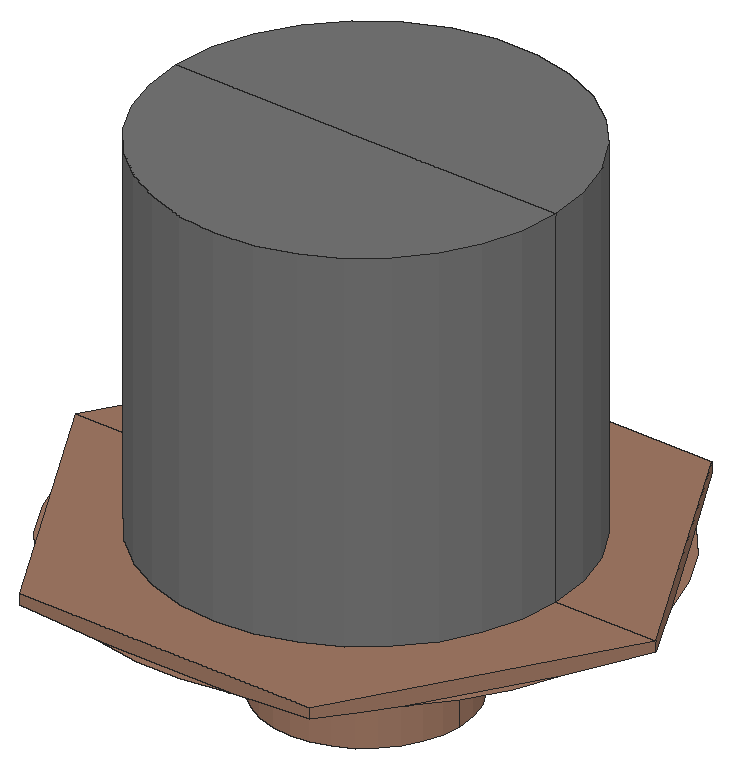
Revit family "Drain-Green_Roof-Jay R. Smith-Round_Type-1935_Series", category Plumbing Fixtures, Revit 2021
Family settings
  Round Connector Dimension = Use Radius
  Part Type = Normal
  OmniClass Number = 23.70.50.21.24.11
  OmniClass Title = Roof Waste Water Drains
  Work Plane-Based = Yes
  Always vertical = Yes
  Cut with Voids When Loaded = No
  Shared = No
  Room Calculation Point = No
Parameters (values of type "1935C06")
  Waste Connection = yes
  Vent Connection = no
  URL = "http://www.jrsmith.com"
  U - Vandal Proof = no
  T - Threaded Outlet = no
  Standpipe Material = PVC-Jay R Smith-White
  Product Page URL = "https://www.jrsmith.com/green-roof-planter-drain-basin"
  Product Documentation Link = "https://www.jrsmith.com/uploads/fileLibrary/d1935.pdf"
  Perforated P.V.C. Standpipe Height = 2"  # constant formula
  Perforated Gravel Stop Height = 12"  # constant formula
  Overall Diameter = 20"  # constant formula
  Outlet Radius = Outlet Diameter / 2  # 3"
  Outlet Diameter = 6"
  Model = "1935C06"
  Material = "Cast Iron-Jay R Smith-Duco Coated"  # constant formula
  Manufacturer = "Jay R. Smith"  # constant formula
  LXH - Speedi-Set Extra Heavy - 02"(50), 03"(75) & 04"(100) sizes only = no
  L - Speedi-Set Service Weight - 02"(50), 03"(75) & 04"(100) sizes only = no
  Installation Type = "Roof Mounted"  # constant formula
  HW Connection = no
  Gravel Guard Material = Stainless Steel-Jay R Smith-Perforated
  G - Galvanized Cast Iron = no
  Expansion Joint (Specify Fig. 1710) = no
  E - Extension (specify height) = no
  Dome Material = PVC-Jay R Smith-White
  Description = "Green Roof Planter Drain Basin"  # constant formula
  Bottom Depth = 5"
  Default Elevation = 0"
  Creation Date = "03/20/2024"  # constant formula
  Connection Description = "6\" Caulk Outlet Connection"
  CW Connection = no
  CL - "L" Shaped Underdeck Clamp = no
  CIS - Cast Iron Standpipe = no
  C - Underdeck Clamp = no
  Body Material = Cast Iron-Jay R Smith-Duco Coated
  BZS - Bronze Standpipe = no
  B Dimension/2 = B Dimension / 2  # 3"
  B Dimension = 6"
  Assembly Code = "D2040200"
  AE - Adjustable Extension = no
Types (15): name | Outlet Radius | Outlet Diameter | Model | Bottom Depth | Connection Description | B Dimension/2 | B Dimension
  1935C02 | 1" | 2" | "1935C02" | 5" | "2\" Caulk Outlet Connection" | 2" | 4"
  1935C03 | 1 1/2" | 3" | "1935C03" | 5" | "3\" Caulk Outlet Connection" | 2" | 4"
  1935C04 | 2" | 4" | "1935C04" | 5" | "4\" Caulk Outlet Connection" | 2" | 4"
  1935C05 | 2 1/2" | 5" | "1935C05" | 5" | "5\" Caulk Outlet Connection" | 3" | 6"
  1935C06 | 3" | 6" | "1935C06" | 5" | "6\" Caulk Outlet Connection" | 3" | 6"
  1935Y02 | 1" | 2" | "1935Y02" | 5" | "2\" No-HUB Outlet Connection" | 2" | 4"
  1935Y03 | 1 1/2" | 3" | "1935Y03" | 5" | "3\" No-HUB Outlet Connection" | 2" | 4"
  1935Y04 | 2" | 4" | "1935Y04" | 5" | "4\" No-HUB Outlet Connection" | 2" | 4"
  1935Y05 | 2 1/2" | 5" | "1935Y05" | 5" | "5\" No-HUB Outlet Connection" | 3" | 6"
  1935Y06 | 3" | 6" | "1935Y06" | 5" | "6\" No-HUB Outlet Connection" | 3" | 6"
  1935T02 | 1" | 2" | "1935T02" | 3 3/4" | "2\" Threaded Outlet Connection" | 2" | 4"
  1935T03 | 1 1/2" | 3" | "1935T03" | 3 3/4" | "3\" Threaded Outlet Connection" | 2" | 4"
  1935T04 | 2" | 4" | "1935T04" | 3 3/4" | "4\" Threaded Outlet Connection" | 2" | 4"
  1935T05 | 2 1/2" | 5" | "1935T05" | 3 3/4" | "5\" Threaded Outlet Connection" | 3" | 6"
  1935T06 | 3" | 6" | "1935T06" | 3 3/4" | "6\" Threaded Outlet Connection" | 3" | 6"
Reference planes (in)
  plane 1 "Center (Front/Back)": y = 0
  plane 2: z = 0
  plane 3 "Center (Left/Right)": x = -0.54782
  plane 4: z = 0
  plane 5: x = 4.95218
  plane 6: z = 12
  plane 7: x = -10.54782
  plane 8: x = 9.45218
  plane 9: x = -7.11032
  plane 10: x = 6.01468
  plane 11: z = 2
  plane 12: x = -6.04782
  plane 13: x = 4.95218
  plane 14: z = -5
Forms (in)
  Revolve 1, solid, material "Stainless Steel-Jay R Smith-Perforated" <- "Gravel Guard Material"
    sketch origin (-0.54782, 0, 0) x (1, 0, 0) y (0, 0, 1)
      loop
        line (-6.5625, 12) -> (-6.5625, 0) -> (-6.43087, 0) -> (-6.43087, 11.868) -> (0, 11.868) -> (0, 12) -> (-6.5625, 12)
      axis (0, 12) -> (0, 0)
    angle from 0 to 360
  Revolve 2, solid, material "Cast Iron-Jay R Smith-Duco Coated"
    sketch origin (0, 0, 6) x (1, 0, 0) y (0, 0, 1)
      loop
        line (-3.54782, -11) -> (-3.54782, -6) -> (-3.79782, -6) -> (-3.79782, -11) -> (-3.54782, -11)
      axis (-0.54782, -6) -> (-0.54782, -11)
    angle from 0 to 360
  Revolve 3, solid, material "Cast Iron-Jay R Smith-Duco Coated"
    sketch origin (0, 0, 6) x (1, 0, 0) y (0, 0, 1)
      loop
        line (-0.54782, -6) -> (-10.54782, -6) -> (-10.54782, -6.33608) -> (-6.21642, -7.00972)
        arc (-6.21642, -7.00972) -> (-6.09429, -7.10093) -> (-6.04782, -7.2461) r 0.25
        line (-6.04782, -7.2461) -> (-6.04782, -8.01891)
        arc (-6.04782, -8.01891) -> (-5.86308, -8.46491) -> (-5.41708, -8.64965) r 0.63074
        line (-5.41708, -8.64965) -> (-5.22886, -8.64965)
        arc (-5.22886, -8.64965) -> (-5.13749, -8.87022) -> (-4.91693, -8.96158) r 0.31193
        line (-4.91693, -8.96158) -> (-0.54782, -8.96158) -> (-0.54782, -6)
      axis (-0.54782, -6) -> (-0.54782, -8.96158)
    angle from 0 to 360
  Revolve 4, solid, material "PVC-Jay R Smith-White" <- "Standpipe Material"
    sketch origin (0, 0, 11) x (1, 0, 0) y (0, 0, 1)
      loop
        line (-3.29782, -11) -> (-3.29782, -9) -> (-3.54782, -9) -> (-3.54782, -11) -> (-3.29782, -11)
      axis (-0.54782, -9) -> (-0.54782, -11)
    angle from 0 to 360
  Extrusion 5, void
    sketch origin (0, 0, 0) x (1, 0, 0) y (0, 1, 0)
      loop
        line (-10.54782, 0) -> (-5.54782, -8.66025) -> (4.45218, -8.66025) -> (9.45218, 0) -> (4.45218, 8.66025) -> (-5.54782, 8.66025) -> (-10.54782, 0)
      loop
        circle (-0.54782, 0) r 11
    from -0.499 to 0
Cuts and joins
  Extrusion 5 cuts Revolve 3
Dimensions and locks (in)
  locked: Revolve 2 sketch curve to Revolve 2 sketch curve at 0.25
  Revolve 3 sketch curve to Revolve 3 sketch curve to Revolve 3 sketch curve to Revolve 3 sketch curve to Revolve 3 sketch curve to Revolve 3 sketch curve = 0.67364" locked, 0.23638" locked, 0.77281" locked, 0.63074" locked, 0.31193" locked
  "Overall Diameter": plane 7 to plane 8
  plane 9 to plane 10 = 13 1/8"
  plane 13 to plane 12 = 11"
  "Perforated Gravel Stop Height": plane 6 to level
  "Perforated P.V.C. Standpipe Height": plane 11 to level
  "Bottom Depth": level to plane 14
  "B Dimension/2": plane 3 "Center (Left/Right)" to Revolve 4 sketch curve
  "Outlet Radius": plane 3 "Center (Left/Right)" to Revolve 2 sketch curve
  locked: Revolve 4 sketch curve to Revolve 4 sketch curve at 0.25
  locked: Revolve 1 sketch curve to Revolve 1 sketch curve at 0.132
  locked: Revolve 1 sketch curve to Revolve 1 sketch curve at 0.13163
  equal spacing: plane 7, plane 3 "Center (Left/Right)", plane 8
  aligned and locked: Revolve 2 sketch curve to plane 3 "Center (Left/Right)"
  aligned and locked: Revolve 4 sketch curve to plane 3 "Center (Left/Right)"
  aligned and locked: Revolve 4 sketch curve to plane 11
  aligned and locked: level to Revolve 4 sketch curve
  aligned and locked: plane 6 to Revolve 1 sketch curve
  aligned and locked: Revolve 1 sketch curve to plane 3 "Center (Left/Right)"
  aligned and locked: plane 3 "Center (Left/Right)" to Revolve 1 sketch curve
  aligned and locked: plane 9 to Revolve 1 sketch curve
  aligned and locked: Extrusion 5 to Revolve 1
Automatic sketch dimensions
  Revolve 1 sketch curve to level = 0"
  Revolve 1 sketch curve to Revolve 1 sketch curve = 3/4"
  Revolve 1 sketch curve to Revolve 1 sketch curve = 1/2"
  plane 7 to Revolve 3 sketch curve = 0"
  Revolve 3 sketch curve to plane 12 = 0"
  Revolve 3 sketch curve to level = 0"
  Revolve 3 sketch curve to plane 3 "Center (Left/Right)" = 0"  (x2)
  Revolve 3 sketch curve to Revolve 3 sketch curve = 1/4"
  Revolve 3 sketch curve to Revolve 3 sketch curve = 0.18822"
  Revolve 3 sketch curve to level = 0.33608"
  Revolve 3 sketch curve to Revolve 3 sketch curve = 0.28842"
  level to Revolve 3 sketch curve = 2 3/4"
  plane 1 "Center (Front/Back)" to Extrusion 5 sketch curve = 0"  (x3)
  Extrusion 5 sketch curve to plane 7 = 0"
  Extrusion 5 sketch curve to plane 3 "Center (Left/Right)" = 0"
  Extrusion 5 sketch curve to plane 8 = 0"
  plane 12 to Extrusion 5 sketch curve = 1/2"  (x2)
  plane 5 to Extrusion 5 sketch curve = 1/2"  (x2)
  plane 1 "Center (Front/Back)" to Extrusion 5 sketch curve = 8.66025"
  Extrusion 5 sketch curve to plane 1 "Center (Front/Back)" = 8.66025"
  Revolve 2 sketch curve to plane 14 = 0"
  Revolve 2 sketch curve to level = 0"
  plane 14 to Revolve 2 sketch curve = 1 3/4"
  plane 11 to Revolve 2 sketch curve = 3 1/4"
  Revolve 4 sketch curve to plane 11 = 1/4"
  plane 6 to Revolve 4 sketch curve = 1/4"
  radius of Extrusion 5 sketch curve = 11"
Nested families (in)
  nested 1: "DOME-1" at (-0.54782, 0, 0) x (0, 1, 0) z (0, 0, 1), type "Dome"
Connectors (in)
  piping at (-0.54782, 0, -5), diameter 6, driven by "Outlet Radius", driven by "Connection Description"
    settings: on Revolve 2, index 1, connector inside diameter 24", connector length 0", flow factor 0, pipe flow 0 GPM, pressure drop 0.00 psi, fitting loss kfactor 0, connector angle 0.00°, fixture units 0, engagement length 0", angle of deflection 0.00°, flow configuration 0, flow direction 2, fitting loss method 0, system type 16, joint type 0, gender type 0, connector reference index -1, connector utility 0, adjustable connector no, is connector primary yes, connector description "6\" Caulk Outlet Connection"
Definition of nested family "DOME-1"
  Parameters (values of type "Dome")
    Waste Connection = yes
    WFU = 0
    Vent Connection = no
    URL = ""
    Model = "Dome"
    Manufacturer = ""
    HW Connection = no
    Finish = none
    Description = ""
    Default Elevation = 0"
    Connection Radius = 2"
    CW Connection = no
  Reference planes (in)
    plane 1 "Center (Front/Back)": y = 0
    plane 2: z = 0
    plane 3 "Center (Left/Right)": x = 0
    plane 4: through (1.15564, -4.31289, 48) normal (0.9659, 0.2588, 0)
    plane 5: through (-1.15564, -4.31289, 48) normal (0.9659, -0.2588, 0)
    plane 6: through (-1.15564, -4.31289, 48) normal (0.9659, -0.2588, 0)
    plane 7: through (1.15564, 4.31289, 48) normal (-0.9659, 0.2588, 0)
    plane 8: through (-1.15564, 4.31289, 48) normal (-0.9659, -0.2588, 0)
    plane 9: through (2.23252, -3.86683, 48) normal (0.866, 0.5, 0)
    plane 10: through (2.23252, 3.86683, 48) normal (-0.866, 0.5, 0)
    plane 11: through (-3.15726, 3.15726, 48) normal (-0.7071, -0.7071, 0)
    plane 12: through (3.15726, 3.15726, 48) normal (-0.7071, 0.7071, 0)
    plane 13: through (-4.31289, 1.15564, 48) normal (-0.2588, -0.9659, 0)
    plane 14: through (3.86683, -2.23252, 48) normal (0.5, 0.866, 0)
    plane 15: through (4.31289, 1.15564, 48) normal (-0.2588, 0.9659, 0)
    plane 16: through (-3.86683, -2.23252, 48) normal (0.5, -0.866, 0)
    plane 17: through (0, 0, 48) normal (0.9914, 0.1305, 0)
    plane 18: z = 4.5
    plane 19: z = 5.66494
  Forms (in)
    Extrusion 1, solid
      sketch origin (0, 0, 0) x (1, 0, 0) y (0, 1, 0)
        loop
          line (-48, 48) -> (-48, -48) -> (48, -48) -> (48, 48) -> (-48, 48)
      from 0 to -12
    Extrusion 2, void
      sketch origin (0, 0, 5.875) x (1, 0, 0) y (0, 1, 0)
        loop
          arc (0.44843, -2.71319) -> (1.94454, -1.94454) -> (2.71319, -0.44843) r 2.75
          arc (2.71319, -0.44843) -> (2.60981, -0.30738) -> (2.46654, -0.40766) r 0.12503
          arc (2.46654, -0.40766) -> (1.76777, -1.76777) -> (0.40766, -2.46654) r 2.5
          arc (0.40766, -2.46654) -> (0.30738, -2.60981) -> (0.44843, -2.71319) r 0.12503
        loop
          arc (0.329, -1.97275) -> (1.41421, -1.41421) -> (1.97275, -0.329) r 2
          arc (1.97275, -0.329) -> (1.87186, -0.18543) -> (1.72678, -0.28413) r 0.12503
          arc (1.72678, -0.28413) -> (1.23744, -1.23744) -> (0.28413, -1.72678) r 1.75
          arc (0.28413, -1.72678) -> (0.18543, -1.87186) -> (0.329, -1.97275) r 0.12503
        loop
          arc (0.20562, -1.23297) -> (0.88388, -0.88388) -> (1.23297, -0.20562) r 1.25
          arc (1.23297, -0.20562) -> (1.12842, -0.06144) -> (0.98577, -0.16809) r 0.12503
          arc (0.98577, -0.16809) -> (0.70453, -0.70968) -> (0.16091, -0.98697) r 1
          arc (0.16091, -0.98697) -> (0.06204, -1.132) -> (0.20562, -1.23297) r 0.12503
        loop
          arc (0.57072, -3.45315) -> (2.47487, -2.47487) -> (3.45315, -0.57072) r 3.5
          arc (3.45315, -0.57072) -> (3.34977, -0.42968) -> (3.2065, -0.52996) r 0.12503
          arc (3.2065, -0.52996) -> (2.2981, -2.2981) -> (0.52996, -3.2065) r 3.25
          arc (0.52996, -3.2065) -> (0.42968, -3.34977) -> (0.57072, -3.45315) r 0.12503
        loop
          arc (0.44843, 2.71319) -> (0.30738, 2.60981) -> (0.40766, 2.46654) r 0.12503
          arc (0.40766, 2.46654) -> (1.76777, 1.76777) -> (2.46654, 0.40766) r 2.5
          arc (2.46654, 0.40766) -> (2.60981, 0.30738) -> (2.71319, 0.44843) r 0.12503
          arc (2.71319, 0.44843) -> (1.94454, 1.94454) -> (0.44843, 2.71319) r 2.75
        loop
          arc (0.329, 1.97275) -> (0.18543, 1.87186) -> (0.28413, 1.72678) r 0.12503
          arc (0.28413, 1.72678) -> (1.23744, 1.23744) -> (1.72678, 0.28413) r 1.75
          arc (1.72678, 0.28413) -> (1.87186, 0.18543) -> (1.97275, 0.329) r 0.12503
          arc (1.97275, 0.329) -> (1.41421, 1.41421) -> (0.329, 1.97275) r 2
        loop
          arc (0.20562, 1.23297) -> (0.06204, 1.132) -> (0.16091, 0.98697) r 0.12503
          arc (0.16091, 0.98697) -> (0.70453, 0.70968) -> (0.98577, 0.16809) r 1
          arc (0.98577, 0.16809) -> (1.12842, 0.06144) -> (1.23297, 0.20562) r 0.12503
          arc (1.23297, 0.20562) -> (0.88388, 0.88388) -> (0.20562, 1.23297) r 1.25
        loop
          arc (0.57072, 3.45315) -> (0.42968, 3.34977) -> (0.52996, 3.2065) r 0.12503
          arc (0.52996, 3.2065) -> (2.2981, 2.2981) -> (3.2065, 0.52996) r 3.25
          arc (3.2065, 0.52996) -> (3.34977, 0.42968) -> (3.45315, 0.57072) r 0.12503
          arc (3.45315, 0.57072) -> (2.47487, 2.47487) -> (0.57072, 3.45315) r 3.5
        loop
          arc (-0.44843, -2.71319) -> (-0.30738, -2.60981) -> (-0.40766, -2.46654) r 0.12503
          arc (-0.40766, -2.46654) -> (-1.76777, -1.76777) -> (-2.46654, -0.40766) r 2.5
          arc (-2.46654, -0.40766) -> (-2.60981, -0.30738) -> (-2.71319, -0.44843) r 0.12503
          arc (-2.71319, -0.44843) -> (-1.94454, -1.94454) -> (-0.44843, -2.71319) r 2.75
        loop
          arc (-0.329, -1.97275) -> (-0.18543, -1.87186) -> (-0.28413, -1.72678) r 0.12503
          arc (-0.28413, -1.72678) -> (-1.23744, -1.23744) -> (-1.72678, -0.28413) r 1.75
          arc (-1.72678, -0.28413) -> (-1.87186, -0.18543) -> (-1.97275, -0.329) r 0.12503
          arc (-1.97275, -0.329) -> (-1.41421, -1.41421) -> (-0.329, -1.97275) r 2
        loop
          arc (-0.20562, -1.23297) -> (-0.06204, -1.132) -> (-0.16091, -0.98697) r 0.12503
          arc (-0.16091, -0.98697) -> (-0.70453, -0.70968) -> (-0.98577, -0.16809) r 1
          arc (-0.98577, -0.16809) -> (-1.12842, -0.06144) -> (-1.23297, -0.20562) r 0.12503
          arc (-1.23297, -0.20562) -> (-0.88388, -0.88388) -> (-0.20562, -1.23297) r 1.25
        loop
          arc (-0.57072, -3.45315) -> (-0.42968, -3.34977) -> (-0.52996, -3.2065) r 0.12503
          arc (-0.52996, -3.2065) -> (-2.2981, -2.2981) -> (-3.2065, -0.52996) r 3.25
          arc (-3.2065, -0.52996) -> (-3.34977, -0.42968) -> (-3.45315, -0.57072) r 0.12503
          arc (-3.45315, -0.57072) -> (-2.47487, -2.47487) -> (-0.57072, -3.45315) r 3.5
        loop
          arc (-0.44843, 2.71319) -> (-1.94454, 1.94454) -> (-2.71319, 0.44843) r 2.75
          arc (-2.71319, 0.44843) -> (-2.60981, 0.30738) -> (-2.46654, 0.40766) r 0.12503
          arc (-2.46654, 0.40766) -> (-1.76777, 1.76777) -> (-0.40766, 2.46654) r 2.5
          arc (-0.40766, 2.46654) -> (-0.30738, 2.60981) -> (-0.44843, 2.71319) r 0.12503
        loop
          arc (-0.329, 1.97275) -> (-1.41421, 1.41421) -> (-1.97275, 0.329) r 2
          arc (-1.97275, 0.329) -> (-1.87186, 0.18543) -> (-1.72678, 0.28413) r 0.12503
          arc (-1.72678, 0.28413) -> (-1.23744, 1.23744) -> (-0.28413, 1.72678) r 1.75
          arc (-0.28413, 1.72678) -> (-0.18543, 1.87186) -> (-0.329, 1.97275) r 0.12503
        loop
          arc (-0.20562, 1.23297) -> (-0.88388, 0.88388) -> (-1.23297, 0.20562) r 1.25
          arc (-1.23297, 0.20562) -> (-1.12842, 0.06144) -> (-0.98577, 0.16809) r 0.12503
          arc (-0.98577, 0.16809) -> (-0.70453, 0.70968) -> (-0.16091, 0.98697) r 1
          arc (-0.16091, 0.98697) -> (-0.06204, 1.132) -> (-0.20562, 1.23297) r 0.12503
        loop
          arc (-0.57072, 3.45315) -> (-2.47487, 2.47487) -> (-3.45315, 0.57072) r 3.5
          arc (-3.45315, 0.57072) -> (-3.34977, 0.42968) -> (-3.2065, 0.52996) r 0.12503
          arc (-3.2065, 0.52996) -> (-2.2981, 2.2981) -> (-0.52996, 3.2065) r 3.25
          arc (-0.52996, 3.2065) -> (-0.42968, 3.34977) -> (-0.57072, 3.45315) r 0.12503
      from -1.66198 to -0.25663
    Extrusion 3, void
      sketch origin (-0.43301, 0.25, -0.45132) x (0.5, 0.866025, 0) y (0, 0, 1)
        loop
          line (-0.1875, 0.59953) -> (0.1875, 0.59953) -> (0.1875, 4.66434) -> (-0.1875, 4.66434) -> (-0.1875, 0.59953)
      from -5.07939 to 6.07939
    Extrusion 4, void
      sketch origin (-0.12941, 0.48296, -0.45132) x (0.965926, 0.258819, 0) y (0, 0, 1)
        loop
          line (-0.1875, 0.59953) -> (0.1875, 0.59953) -> (0.1875, 4.66434) -> (-0.1875, 4.66434) -> (-0.1875, 0.59953)
      from -5.07939 to 6.07939
    Extrusion 5, void
      sketch origin (0.12941, 0.48296, -0.45132) x (-0.965926, 0.258819, 0) y (0, 0, -1)
        loop
          line (-0.1875, -0.59953) -> (-0.1875, -4.66434) -> (0.1875, -4.66434) -> (0.1875, -0.59953) -> (-0.1875, -0.59953)
      from -5.07939 to 6.07939
    Extrusion 6, void
      sketch origin (0.48296, 0.12941, -0.45132) x (-0.258819, 0.965926, 0) y (0, 0, -1)
        loop
          line (-0.1875, -0.59953) -> (-0.1875, -4.66434) -> (0.1875, -4.66434) -> (0.1875, -0.59953) -> (-0.1875, -0.59953)
      from -5.07939 to 6.07939
    Extrusion 7, void
      sketch origin (0.35355, 0.35355, -0.45132) x (0.707107, -0.707107, 0) y (0, 0, 1)
        loop
          line (-0.1875, 0.59953) -> (0.1875, 0.59953) -> (0.1875, 4.66434) -> (-0.1875, 4.66434) -> (-0.1875, 0.59953)
      from -5.07939 to 6.07939
    Extrusion 8, void
      sketch origin (0.5, 0, -0.45132) x (0, -1, 0) y (0, 0, 1)
        loop
          line (-0.1875, 0.59953) -> (0.1875, 0.59953) -> (0.1875, 4.66434) -> (-0.1875, 4.66434) -> (-0.1875, 0.59953)
      from -5.07939 to 6.07939
    Extrusion 9, void
      sketch origin (0.25, 0.43301, -0.45132) x (0.866025, -0.5, 0) y (0, 0, 1)
        loop
          line (-0.1875, 0.59953) -> (0.1875, 0.59953) -> (0.1875, 4.66434) -> (-0.1875, 4.66434) -> (-0.1875, 0.59953)
      from -5.07939 to 6.07939
    Extrusion 10, void
      sketch origin (0.48296, -0.12941, -0.45132) x (-0.258819, -0.965926, 0) y (0, 0, 1)
        loop
          line (-0.1875, 0.59953) -> (0.1875, 0.59953) -> (0.1875, 4.66434) -> (-0.1875, 4.66434) -> (-0.1875, 0.59953)
      from -5.07939 to 6.07939
    Extrusion 11, void
      sketch origin (-0.25, 0.43301, -0.45132) x (-0.866025, -0.5, 0) y (0, 0, -1)
        loop
          line (-0.1875, -0.59953) -> (-0.1875, -4.66434) -> (0.1875, -4.66434) -> (0.1875, -0.59953) -> (-0.1875, -0.59953)
      from -5.07939 to 6.07939
    Extrusion 12, void
      sketch origin (0.35355, -0.35355, -0.45132) x (0.707107, 0.707107, 0) y (0, 0, -1)
        loop
          line (-0.1875, -0.59953) -> (-0.1875, -4.66434) -> (0.1875, -4.66434) -> (0.1875, -0.59953) -> (-0.1875, -0.59953)
      from -5.07939 to 6.07939
    Extrusion 13, void
      sketch origin (0, 0.5, -0.45132) x (1, 0, 0) y (0, 0, 1)
        loop
          line (-0.1875, 0.59953) -> (0.1875, 0.59953) -> (0.1875, 4.66434) -> (-0.1875, 4.66434) -> (-0.1875, 0.59953)
      from -5.07939 to 6.07939
    Extrusion 14, void
      sketch origin (0.43301, 0.25, -0.45132) x (-0.5, 0.866025, 0) y (0, 0, -1)
        loop
          line (-0.1875, -0.59953) -> (-0.1875, -4.66434) -> (0.1875, -4.66434) -> (0.1875, -0.59953) -> (-0.1875, -0.59953)
      from -5.07939 to 6.07939
    Revolve 15, solid
      sketch origin (0, 0, 6.20508) x (1, 0, 0) y (0, 0, 1)
        loop
          line (4.96005, -6.20508) -> (5.02544, -6.20508) -> (4.11306, -2.25316)
          arc (4.11306, -2.25316) -> (3.86336, -1.8574) -> (3.42157, -1.70312) r 0.70968
          line (3.42157, -1.70312) -> (0, -1.70312) -> (0, -1.80663) -> (3.29898, -1.80663)
          arc (3.29898, -1.80663) -> (3.80423, -1.98308) -> (4.08981, -2.43569) r 0.81164
          line (4.08981, -2.43569) -> (4.96005, -6.20508)
        axis (0, -1.70312) -> (0, -6.20508)
      angle from 0 to 360
  Cuts and joins
    Extrusion 2, Extrusion 3, Extrusion 4, Extrusion 5, Extrusion 6, Extrusion 7, Extrusion 8, Extrusion 9, Extrusion 10, Extrusion 11, Extrusion 12, Extrusion 13, Extrusion 14 cuts Revolve 15
  Dimensions and locks (in)
    plane 18 to Extrusion 1 = 4 1/2"
    radius of Revolve 15 sketch curve = 0.81164"
    radius of Revolve 15 sketch curve = 0.70968"
    aligned and locked: plane 2 to Extrusion 1
    aligned and locked: level to Extrusion 1
    aligned and locked: Extrusion 13 to Extrusion 4
    aligned and locked: Extrusion 13 to Extrusion 11
    aligned and locked: Extrusion 12 to Extrusion 13
    aligned and locked: Extrusion 5 to Extrusion 13
    aligned and locked: Extrusion 13 to Extrusion 3
    aligned and locked: Extrusion 10 to Extrusion 13
    aligned and locked: Extrusion 8 to Extrusion 13
    aligned and locked: Extrusion 9 to Extrusion 13
    aligned and locked: Extrusion 7 to Extrusion 13
    aligned and locked: Extrusion 6 to Extrusion 13
    aligned and locked: Extrusion 14 to Extrusion 13
    aligned and locked: Extrusion 4 to Extrusion 13
    aligned and locked: Extrusion 11 to Extrusion 4
    aligned and locked: Extrusion 12 to Extrusion 4
    aligned and locked: Extrusion 3 to Extrusion 4
    aligned and locked: Extrusion 3 to Extrusion 5
